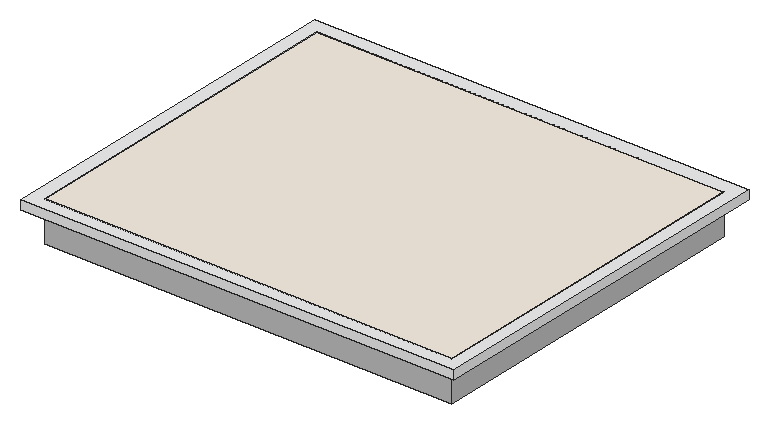
Revit family "Lighting-Industriale-GEWISS-ELIA-HL-LED_RIFLETTORE", category Apparecchi per illuminazione, host Superficie, Revit 2019 (continued)
Types (12, lengths in mm): name | Tensione | Scheda Tecnica | Potenza di sistema | Peso (kg): | Peso (kg) | Ottica | built-in parameter 1150142 | Lumen output (lm) | Modello | IDT | File diagramma fotometrico | Description
    5.40 \r\n4400.20 4239.20 4081.00 3925.60 3774.40 3628.80 3483.20 \r\n3340.40 3200.40 3063.20 2927.40 2797.62 2669.94 2545.62 \r\n2423.26 2305.52 2195.48 2089.08 1982.40 1878.24 1777.30 \r\n1678.60 1580.46 1485.12 1393.84 1306.76 1224.02 1145.76 \r\n1072.40 1003.10 937.30 875.00 816.48 760.76 707.28 656.18 \r\n607.32 560.42 515.76 472.78 430.22 389.48 351.68 315.98 \r\n282.38 250.88 221.75 194.63 169.27 145.60 123.31 102.66 \r\n83.69 66.56 51.24 38.23 28.15 20.48 15.09 11.57 9.41 8.79 \r\n8142.40 8142.40 8143.80 8143.80 8146.60 8148.00 8150.80 \r\n8153.60 8156.40 8159.20 8162.00 8167.60 8173.20 8177.40 \r\n8183.00 8190.00 8197.00 8204.00 8211.00 8219.40 8226.40 \r\n8234.80 8244.60 8253.00 8261.40 8269.80 8278.20 8286.60 \r\n8295.00 8303.40 8311.80 8321.60 8330.00 8339.80 8349.60 \r\n8359.40 8369.20 8379.00 8390.20 8398.60 8409.80 8421.00 \r\n8430.80 8442.00 8453.20 8463.00 8475.60 8486.80 8499.40 \r\n8510.60 8523.20 8535.80 8547.00 8558.20 8570.80 8582.00 \r\n8593.20 8603.00 8614.20 8622.60 8629.60 8638.00 8643.60 \r\n8649.20 8653.40 8654.80 8657.60 8657.60 8656.20 8654.80 \r\n8652.00 8647.80 8642.20 8635.20 8626.80 8615.60 8603.00 \r\n8587.60 8570.80 8551.20 8531.60 8507.80 8482.60 8456.00 \r\n8428.00 8398.60 8365.00 8330.00 8293.60 8253.00 8211.00 \r\n8164.80 8113.00 8059.80 7998.20 7926.80 7844.20 7754.60 \r\n7656.60 7548.80 7435.40 7319.20 7200.20 7077.00 6946.80 \r\n6806.80 6658.40 6501.60 6332.20 6154.40 5969.60 5783.40 \r\n5598.60 5416.60 5238.80 5062.40 4891.60 4727.80 4564.00 \r\n4401.60 4239.20 4081.00 3925.60 3775.80 3627.40 3483.20 \r\n3340.40 3200.40 3063.20 2928.80 2798.32 2670.36 2546.60 \r\n2425.64 2308.88 2198.84 2091.74 1984.50 1879.22 1778.14 \r\n1679.30 1581.02 1485.40 1394.40 1307.32 1224.58 1146.32 \r\n1072.96 1003.66 937.72 875.42 816.62 760.90 707.56 656.46 \r\n607.60 560.70 515.76 472.64 430.22 389.62 351.82 316.26 \r\n282.74 251.22 222.19 195.12 169.64 145.81 123.54 102.90 \r\n83.87 66.70 51.41 38.42 28.29 20.59 15.19 11.65 9.46 8.80 \r\n8142.40 8142.40 8143.80 8143.80 8146.60 8148.00 8149.40 \r\n8153.60 8156.40 8159.20 8163.40 8167.60 8173.20 8177.40 \r\n8184.40 8190.00 8197.00 8205.40 8212.40 8219.40 8229.20 \r\n8236.20 8244.60 8253.00 8261.40 8269.80 8278.20 8286.60 \r\n8295.00 8303.40 8313.20 8321.60 8331.40 8339.80 8349.60 \r\n8359.40 8369.20 8380.40 8390.20 8400.00 8409.80 8421.00 \r\n8432.20 8442.00 8453.20 8464.40 8477.00 8488.20 8500.80 \r\n8513.40 8526.00 8537.20 8549.80 8561.00 8572.20 8583.40 \r\n8594.60 8605.80 8615.60 8624.00 8632.40 8639.40 8645.00 \r\n8650.60 8654.80 8657.60 8657.60 8657.60 8657.60 8656.20 \r\n8653.40 8649.20 8643.60 8636.60 8628.20 8617.00 8604.40 \r\n8589.00 8570.80 8552.60 8531.60 8509.20 8484.00 8457.40 \r\n8429.40 8400.00 8366.40 8331.40 8295.00 8255.80 8213.80 \r\n8167.60 8115.80 8062.60 7999.60 7926.80 7845.60 7753.20 \r\n7655.20 7547.40 7434.00 7317.80 7198.80 7075.60 6946.80 \r\n6806.80 6658.40 6500.20 6332.20 6153.00 5968.20 5782.00 \r\n5595.80 5416.60 5238.80 5063.80 4891.60 4726.40 4564.00 \r\n4400.20 4239.20 4081.00 3927.00 3775.80 3628.80 3483.20 \r\n3340.40 3200.40 3063.20 2928.80 2797.62 2670.92 2547.44 \r\n2427.74 2311.96 2201.92 2094.54 1986.32 1880.20 1778.70 \r\n1679.58 1581.16 1485.54 1394.54 1307.74 1225.00 1146.74 \r\n1073.38 1004.08 938.00 875.56 816.76 760.90 707.70 656.88 \r\n607.74 560.84 515.76 472.50 430.22 389.76 352.10 316.54 \r\n282.95 251.51 222.57 195.55 169.96 145.98 123.72 103.12 \r\n84.06 66.82 51.56 38.61 28.45 20.70 15.28 11.73 9.51 8.81 \r\n8142.40 8142.40 8143.80 8145.20 8146.60 8146.60 8149.40 \r\n8152.20 8156.40 8159.20 8163.40 8167.60 8173.20 8177.40 \r\n8184.40 8191.40 8197.00 8205.40 8212.40 8220.80 8229.20 \r\n8237.60 8246.00 8254.40 8264.20 8272.60 8279.60 8288.00 \r\n8296.40 8306.20 8314.60 8323.00 8332.80 8339.80 8349.60 \r\n8359.40 8370.60 8380.40 8390.20 8401.40 8409.80 8421.00 \r\n8432.20 8443.40 8453.20 8464.40 8477.00 8491.00 8502.20 \r\n8514.80 8527.40 8540.00 8551.20 8563.80 8575.00 8586.20 \r\n8598.80 8608.60 8618.40 8625.40 8633.80 8642.20 8647.80 \r\n8653.40 8656.20 8657.60 8660.40 8660.40 8660.40 8657.60 \r\n8654.80 8652.00 8645.00 8636.60 8628.20 8618.40 8605.80 \r\n8589.00 8570.80 8552.60 8533.00 8509.20 8485.40 8457.40 \r\n8429.40 8401.40 8367.80 8332.80 8296.40 8257.20 8213.80 \r\n8169.00 8117.20 8064.00 8001.00 7926.80 7844.20 7754.60 \r\n7653.80 7546.00 7432.60 7315.00 7197.40 7074.20 6945.40 \r\n6806.80 6657.00 6500.20 6332.20 6151.60 5966.80 5780.60 \r\n5594.40 5413.80 5238.80 5063.80 4893.00 4726.40 4564.00 \r\n4401.60 4240.60 4081.00 3927.00 3775.80 3628.80 3483.20 \r\n3340.40 3200.40 3063.20 2930.20 2798.32 2671.34 2548.42 \r\n2429.84 2315.32 2205.00 2096.92 1987.72 1880.76 1778.98 \r\n1679.86 1581.16 1485.54 1394.54 1307.74 1225.14 1147.16 \r\n1073.80 1004.36 938.28 875.70 816.76 760.90 707.84 657.16 \r\n608.02 560.84 515.62 472.08 429.94 389.90 352.10 316.68 \r\n283.08 251.72 222.88 195.93 170.20 146.10 123.86 103.31 \r\n84.20 66.92 51.72 38.79 28.60 20.80 15.36 11.80 9.56 8.82 \r\n8142.40 8142.40 8143.80 8145.20 8146.60 8148.00 8149.40 \r\n8152.20 8156.40 8159.20 8163.40 8167.60 8173.20 8177.40 \r\n8184.40 8191.40 8197.00 8205.40 8213.80 8220.80 8229.20 \r\n8237.60 8246.00 8255.80 8264.20 8272.60 8281.00 8289.40 \r\n8297.80 8306.20 8314.60 8323.00 8332.80 8342.60 8349.60 \r\n8360.80 8370.60 8380.40 8390.20 8401.40 8411.20 8421.00 \r\n8432.20 8443.40 8454.60 8467.20 8478.40 8491.00 8503.60 \r\n8516.20 8527.40 8541.40 8554.00 8565.20 8576.40 8589.00 \r\n8600.20 8611.40 8619.80 8628.20 8635.20 8643.60 8649.20 \r\n8653.40 8656.20 8660.40 8660.40 8661.80 8660.40 8659.00 \r\n8656.20 8652.00 8646.40 8639.40 8629.60 8618.40 8604.40 \r\n8590.40 8572.20 8554.00 8534.40 8510.60 8484.00 8458.80 \r\n8430.80 8401.40 8369.20 8334.20 8297.80 8257.20 8215.20 \r\n8171.80 8120.00 8065.40 8002.40 7928.20 7845.60 7753.20 \r\n7652.40 7543.20 7429.80 7313.60 7196.00 7074.20 6945.40 \r\n6806.80 6657.00 6498.80 6330.80 6150.20 5965.40 5777.80 \r\n5594.40 5413.80 5238.80 5063.80 4893.00 4727.80 4564.00 \r\n4401.60 4240.60 4082.40 3927.00 3775.80 3627.40 3483.20 \r\n3341.80 3201.80 3064.60 2930.20 2798.46 2671.76 2549.26 \r\n2431.80 2318.12 2207.80 2099.02 1989.12 1881.18 1778.98 \r\n1679.86 1581.02 1485.12 1394.26 1307.60 1225.14 1147.02 \r\n1073.66 1004.50 938.28 875.70 816.62 760.76 707.84 657.30 \r\n608.16 560.84 515.34 471.80 429.80 389.76 352.10 316.68 \r\n283.22 251.86 223.13 196.25 170.39 146.16 123.96 103.45 \r\n84.31 67.00 51.84 38.99 28.75 20.90 15.44 11.87 9.59 8.82 \r\n8142.40 8142.40 8143.80 8145.20 8146.60 8148.00 8149.40 \r\n8152.20 8156.40 8159.20 8163.40 8167.60 8173.20 8178.80 \r\n8184.40 8191.40 8197.00 8205.40 8213.80 8222.20 8229.20 \r\n8237.60 8247.40 8255.80 8264.20 8272.60 8281.00 8289.40 \r\n8299.20 8306.20 8314.60 8324.40 8332.80 8342.60 8351.00 \r\n8360.80 8370.60 8380.40 8390.20 8401.40 8411.20 8421.00 \r\n8432.20 8443.40 8454.60 8467.20 8478.40 8492.40 8505.00 \r\n8517.60 8530.20 8542.80 8555.40 8568.00 8579.20 8591.80 \r\n8603.00 8612.80 8621.20 8629.60 8638.00 8645.00 8649.20 \r\n8654.80 8659.00 8660.40 8663.20 8663.20 8663.20 8660.40 \r\n8657.60 8654.80 8647.80 8639.40 8629.60 8619.80 8605.80 \r\n8590.40 8572.20 8554.00 8533.00 8510.60 8485.40 8458.80 \r\n8430.80 8401.40 8370.60 8335.60 8299.20 8260.00 8218.00 \r\n8171.80 8122.80 8068.20 8003.80 7929.60 7844.20 7751.80 \r\n7651.00 7541.80 7428.40 7313.60 7194.60 7072.80 6944.00 \r\n6805.40 6655.60 6497.40 6328.00 6150.20 5964.00 5777.80 \r\n5591.60 5413.80 5238.80 5065.20 4894.40 4727.80 4562.60 \r\n4401.60 4240.60 4082.40 3928.40 3775.80 3627.40 3483.20 \r\n3341.80 3201.80 3064.60 2930.20 2798.60 2671.90 2549.82 \r\n2433.48 2320.64 2210.18 2100.84 1989.82 1881.18 1778.84 \r\n1679.44 1580.32 1484.42 1393.70 1307.32 1224.86 1146.74 \r\n1073.52 1004.36 938.28 875.56 816.34 760.34 707.70 657.30 \r\n608.16 560.70 515.06 471.38 429.52 389.62 352.10 316.68 \r\n283.08 251.90 223.29 196.46 170.51 146.17 124.00 103.56 \r\n84.39 67.05 51.95 39.16 28.91 20.99 15.51 11.92 9.62 8.83 \r\n8142.40 8142.40 8143.80 8145.20 8146.60 8148.00 8149.40 \r\n8152.20 8155.00 8159.20 8163.40 8167.60 8173.20 8178.80 \r\n8185.80 8191.40 8198.40 8205.40 8213.80 8222.20 8230.60 \r\n8240.40 8248.80 8257.20 8265.60 8275.40 8282.40 8290.80 \r\n8299.20 8307.60 8316.00 8325.80 8332.80 8342.60 8351.00 \r\n8360.80 8370.60 8380.40 8390.20 8401.40 8412.60 8421.00 \r\n8433.60 8443.40 8454.60 8468.60 8479.80 8492.40 8505.00 \r\n8519.00 8531.60 8544.20 8556.80 8569.40 8580.60 8593.20 \r\n8604.40 8614.20 8624.00 8631.00 8639.40 8645.00 8652.00 \r\n8656.20 8659.00 8663.20 8664.60 8664.60 8664.60 8661.80 \r\n8659.00 8654.80 8647.80 8640.80 8631.00 8619.80 8605.80 \r\n8590.40 8573.60 8554.00 8533.00 8509.20 8485.40 8460.20 \r\n8432.20 8401.40 8370.60 8337.00 8299.20 8261.40 8219.40 \r\n8174.60 8124.20 8069.60 8005.20 7931.00 7845.60 7750.40 \r\n7649.60 7540.40 7427.00 7312.20 7194.60 7072.80 6945.40 \r\n6804.00 6655.60 6496.00 6328.00 6147.40 5962.60 5776.40 \r\n5591.60 5413.80 5238.80 5065.20 4895.80 4727.80 4564.00 \r\n4401.60 4240.60 4083.80 3928.40 3775.80 3627.40 3481.80 \r\n3341.80 3201.80 3064.60 2931.60 2798.88 2672.18 2550.52 \r\n2434.88 2322.74 2211.86 2101.96 1990.24 1881.04 1778.14 \r\n1678.60 1579.48 1483.58 1393.00 1306.62 1224.30 1146.32 \r\n1073.10 1003.94 937.86 875.28 815.92 759.92 707.42 657.30 \r\n608.02 560.42 514.64 470.82 429.10 389.34 351.96 316.54 \r\n283.08 251.86 223.34 196.57 170.55 146.10 123.98 103.61 \r\n84.43 67.09 52.05 39.33 29.04 21.08 15.57 11.96 9.64 8.83 \r\n8142.40 8142.40 8143.80 8145.20 8146.60 8148.00 8149.40 \r\n8152.20 8155.00 8159.20 8163.40 8167.60 8173.20 8178.80 \r\n8185.80 8191.40 8199.80 8206.80 8215.20 8223.60 8232.00 \r\n8240.40 8248.80 8257.20 8267.00 8275.40 8283.80 8292.20 \r\n8300.60 8309.00 8317.40 8325.80 8334.20 8342.60 8351.00 \r\n8360.80 8370.60 8380.40 8391.60 8401.40 8412.60 8422.40 \r\n8433.60 8444.80 8457.40 8468.60 8479.80 8493.80 8506.40 \r\n8520.40 8534.40 8547.00 8558.20 8572.20 8583.40 8596.00 \r\n8605.80 8617.00 8625.40 8633.80 8640.80 8647.80 8653.40 \r\n8657.60 8660.40 8663.20 8664.60 8666.00 8664.60 8663.20 \r\n8660.40 8654.80 8650.60 8640.80 8631.00 8619.80 8607.20 \r\n8590.40 8573.60 8554.00 8534.40 8510.60 8485.40 8460.20 \r\n8432.20 8402.80 8372.00 8337.00 8300.60 8262.80 8219.40 \r\n8176.00 8128.40 8071.00 8006.60 7931.00 7847.00 7751.80 \r\n7648.20 7539.00 7425.60 7310.80 7191.80 7071.40 6944.00 \r\n6804.00 6654.20 6494.60 6326.60 6147.40 5962.60 5775.00 \r\n5588.80 5411.00 5238.80 5065.20 4894.40 4727.80 4564.00 \r\n4401.60 4242.00 4083.80 3929.80 3775.80 3627.40 3481.80 \r\n3340.40 3201.80 3064.60 2931.60 2798.60 2672.60 2550.94 \r\n2435.86 2324.28 2213.12 2102.66 1990.24 1880.20 1777.16 \r\n1677.62 1578.36 1482.32 1391.88 1305.64 1223.32 1145.62 \r\n1072.54 1003.38 937.16 874.58 815.36 759.36 707.00 657.02 \r\n607.74 560.14 514.08 470.26 428.68 389.06 351.68 316.40 \r\n282.94 251.72 223.27 196.59 170.48 145.96 123.91 103.61 \r\n84.43 67.09 52.12 39.45 29.15 21.16 15.63 11.99 9.66 8.83 \r\n8142.40 8142.40 8143.80 8145.20 8145.20 8148.00 8149.40 \r\n8152.20 8155.00 8159.20 8163.40 8169.00 8173.20 8180.20 \r\n8185.80 8191.40 8199.80 8206.80 8215.20 8223.60 8232.00 \r\n8240.40 8248.80 8258.60 8267.00 8275.40 8283.80 8292.20 \r\n8300.60 8309.00 8317.40 8325.80 8334.20 8344.00 8351.00 \r\n8360.80 8370.60 8380.40 8390.20 8400.00 8411.20 8422.40 \r\n8433.60 8444.80 8456.00 8468.60 8481.20 8495.20 8507.80 \r\n8521.80 8534.40 8547.00 8561.00 8572.20 8584.80 8596.00 \r\n8607.20 8617.00 8626.80 8633.80 8642.20 8647.80 8653.40 \r\n8657.60 8661.80 8663.20 8666.00 8667.40 8664.60 8663.20 \r\n8660.40 8654.80 8649.20 8640.80 8631.00 8619.80 8605.80 \r\n8590.40 8573.60 8554.00 8533.00 8510.60 8484.00 8458.80 \r\n8432.20 8402.80 8372.00 8337.00 8300.60 8262.80 8220.80 \r\n8177.40 8129.80 8072.40 8008.00 7932.40 7848.40 7753.20 \r\n7649.60 7539.00 7425.60 7309.40 7191.80 7070.00 6942.60 \r\n6802.60 6652.80 6493.20 6325.20 6146.00 5962.60 5776.40 \r\n5590.20 5412.40 5238.80 5066.60 4897.20 4729.20 4565.40 \r\n4401.60 4242.00 4086.60 3931.20 3778.60 3628.80 3484.60 \r\n3341.80 3203.20 3067.40 2931.60 2800.56 2673.58 2551.08 \r\n2434.74 2321.90 2210.04 2099.30 1986.88 1876.98 1773.94 \r\n1674.40 1575.28 1479.24 1388.66 1302.56 1220.52 1142.96 \r\n1070.02 1001.00 935.20 872.62 813.54 757.68 705.60 655.62 \r\n606.48 559.02 513.24 469.42 427.70 387.94 350.84 315.84 \r\n282.38 250.91 222.46 195.80 169.79 145.40 123.45 103.28 \r\n84.17 66.91 52.04 39.45 29.20 21.22 15.65 11.96 9.63 8.82 \r\n8142.40 8142.40 8143.80 8145.20 8145.20 8148.00 8149.40 \r\n8152.20 8155.00 8159.20 8163.40 8169.00 8173.20 8180.20 \r\n8185.80 8191.40 8199.80 8208.20 8215.20 8223.60 8232.00 \r\n8241.80 8251.60 8260.00 8268.40 8275.40 8283.80 8293.60 \r\n8302.00 8309.00 8317.40 8325.80 8334.20 8344.00 8351.00 \r\n8360.80 8369.20 8380.40 8390.20 8400.00 8411.20 8422.40 \r\n8433.60 8444.80 8456.00 8468.60 8481.20 8495.20 8507.80 \r\n8523.20 8535.80 8549.80 8561.00 8575.00 8586.20 8598.80 \r\n8610.00 8619.80 8628.20 8636.60 8642.20 8649.20 8654.80 \r\n8659.00 8661.80 8666.00 8666.00 8667.40 8666.00 8663.20 \r\n8660.40 8654.80 8649.20 8640.80 8629.60 8617.00 8605.80 \r\n8589.00 8570.80 8552.60 8533.00 8509.20 8484.00 8458.80 \r\n8430.80 8401.40 8370.60 8337.00 8300.60 8262.80 8223.60 \r\n8180.20 8129.80 8073.80 8009.40 7933.80 7849.80 7754.60 \r\n7651.00 7539.00 7422.80 7308.00 7190.40 7070.00 6941.20 \r\n6799.80 6650.00 6490.40 6322.40 6146.00 5964.00 5777.80 \r\n5591.60 5413.80 5238.80 5066.60 4898.60 4730.60 4566.80 \r\n4404.40 4243.40 4086.60 3931.20 3778.60 3630.20 3484.60 \r\n3343.20 3203.20 3067.40 2933.00 2801.40 2674.42 2550.94 \r\n2433.20 2318.82 2206.40 2095.24 1982.96 1873.34 1770.44 \r\n1670.90 1571.78 1476.02 1385.30 1299.06 1217.44 1140.16 \r\n1067.36 998.48 932.68 870.38 811.58 756.00 703.78 654.08 \r\n605.08 557.76 512.12 468.44 426.58 386.96 350.14 315.28 \r\n281.68 250.03 221.54 194.94 169.02 144.76 122.95 102.89 \r\n83.89 66.70 51.94 39.44 29.24 21.28 15.66 11.93 9.59 8.80 \r\n8142.40 8142.40 8142.40 8145.20 8145.20 8148.00 8149.40 \r\n8152.20 8155.00 8159.20 8163.40 8169.00 8174.60 8180.20 \r\n8185.80 8192.80 8199.80 8208.20 8216.60 8225.00 8233.40 \r\n8243.20 8251.60 8260.00 8268.40 8276.80 8286.60 8295.00 \r\n8303.40 8310.40 8317.40 8325.80 8335.60 8344.00 8352.40 \r\n8362.20 8370.60 8380.40 8390.20 8401.40 8411.20 8422.40 \r\n8432.20 8444.80 8456.00 8470.00 8481.20 8495.20 8509.20 \r\n8523.20 8537.20 8549.80 8563.80 8575.00 8587.60 8598.80 \r\n8610.00 8619.80 8628.20 8636.60 8643.60 8650.60 8654.80 \r\n8659.00 8663.20 8666.00 8667.40 8667.40 8666.00 8663.20 \r\n8660.40 8654.80 8647.80 8639.40 8629.60 8617.00 8603.00 \r\n8589.00 8570.80 8552.60 8530.20 8509.20 8484.00 8457.40 \r\n8429.40 8401.40 8369.20 8335.60 8300.60 8264.20 8223.60 \r\n8180.20 8131.20 8075.20 8010.80 7935.20 7851.20 7757.40 \r\n7652.40 7540.40 7424.20 7308.00 7190.40 7068.60 6941.20 \r\n6799.80 6648.60 6487.60 6321.00 6144.60 5965.40 5779.20 \r\n5593.00 5415.20 5240.20 5068.00 4897.20 4730.60 4566.80 \r\n4404.40 4244.80 4088.00 3934.00 3781.40 3631.60 3486.00 \r\n3344.60 3203.20 3067.40 2933.00 2804.20 2675.40 2550.94 \r\n2431.38 2315.32 2202.34 2091.04 1978.90 1869.56 1766.66 \r\n1667.26 1568.42 1472.52 1381.94 1295.70 1214.22 1137.22 \r\n1064.56 995.82 930.30 868.28 809.62 754.18 702.10 652.40 \r\n603.54 556.50 511.14 467.60 425.60 385.84 349.30 314.72 \r\n280.84 249.09 220.57 194.00 168.21 144.10 122.42 102.48 \r\n83.58 66.49 51.83 39.40 29.26 21.33 15.67 11.88 9.54 8.79 \r\n8142.40 8142.40 8142.40 8145.20 8145.20 8148.00 8149.40 \r\n8152.20 8155.00 8159.20 8163.40 8169.00 8173.20 8180.20 \r\n8185.80 8192.80 8199.80 8208.20 8216.60 8225.00 8233.40 \r\n8243.20 8251.60 8260.00 8268.40 8278.20 8286.60 8295.00 \r\n8303.40 8311.80 8318.80 8327.20 8335.60 8344.00 8352.40 \r\n8362.20 8370.60 8380.40 8390.20 8401.40 8409.80 8421.00 \r\n8432.20 8443.40 8457.40 8468.60 8482.60 8496.60 8509.20 \r\n8523.20 8538.60 8552.60 8563.80 8577.80 8589.00 8600.20 \r\n8611.40 8621.20 8629.60 8638.00 8645.00 8652.00 8656.20 \r\n8660.40 8663.20 8666.00 8667.40 8667.40 8666.00 8663.20 \r\n8660.40 8654.80 8647.80 8639.40 8626.80 8615.60 8603.00 \r\n8586.20 8569.40 8549.80 8530.20 8506.40 8482.60 8457.40 \r\n8429.40 8400.00 8369.20 8335.60 8300.60 8264.20 8223.60 \r\n8181.60 8134.00 8076.60 8012.20 7936.60 7852.60 7757.40 \r\n7653.80 7541.80 7424.20 7308.00 7189.00 7068.60 6938.40 \r\n6797.00 6644.40 6486.20 6319.60 6144.60 5966.80 5780.60 \r\n5595.80 5416.60 5240.20 5068.00 4898.60 4732.00 4568.20 \r\n4
